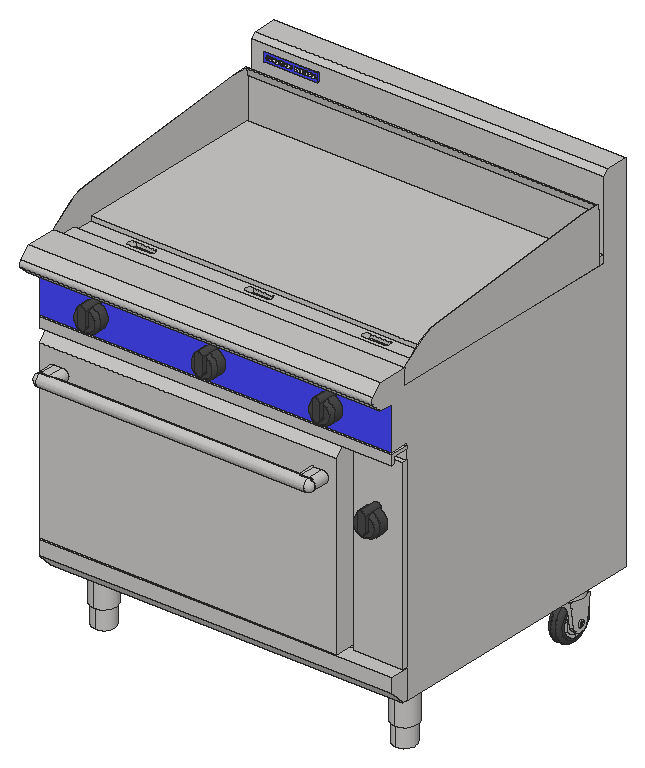
Revit family "QF_MOFFAT_BLUESEAL_CE_G56A", category Specialty Equipment, Revit 2012
Parameters
  Width = 900 mm  # constant formula
  Weight in Pounds = 467
  Watts = 130 W
  Volts = 230 V
  URL Cutsheet = "www.moffat.com"
  URL = "www.moffat.com"
  Type Mark [instance] = ""
  Status [instance] = ""
  Specification by User [instance] = ""
  Specification by Manufacturer = ""
  Show Logo [instance] = yes
  Show Clearance [instance] = yes
  Show Casters [instance] = yes
  Serial Number = ""
  Seismic Rating = ""
  SMACNA No = ""
  Revision Code [instance] = ""
  Phase = 1
  Omniclass Number and Title = ""
  Number of Poles [instance] = 1
  NAFEM Spec ID Number = ""
  Model = "G56A"
  Min Ckt Ampacity = 0 A
  Mechanical Remarks = ""
  Mechanical Connection Type [instance] = ""
  Max Overcurrent Protection = 0 A
  Masterspec = ""
  Manufacturer = "MOFFAT BLUESEAL"
  Legs [instance] = not(Show Casters)  # no
  Item Number [instance] = ""
  Installed By [instance] = ""
  Identify Quantity as Lot [instance] = yes
  Height = 970 mm  # constant formula
  HP = ""
  Gas Size = 3/4"
  Gas RI Height [instance] = 0 mm
  Gas KW = 25
  Gas Input = 85303.0 Btu/h
  Gas Connection Height = 0 mm
  Furnished By [instance] = ""
  Foodservice Equipment Identifier [instance] = yes
  FL Amps = 0.6 A
  Electrical Remarks = ""
  Electric Connection Type = ""
  Elec Conn RI Height = 0 mm
  Elec Conn Connection Height = 0 mm
  Description = "900MM GAS RANGE WITH CONVECTION OVEN"
  Depth = 812 mm  # constant formula
  Cycle = 60 Hz
  Conn Plug = ""
  Conn Conduit = yes
  CSI MasterFormat = ""
  CSI Master Format = ""
  Body Finish = QF_Finishes_Stainless Steel
  Apparent Power = 0 VA
Reference planes
  plane 1 "BACK": y = 0
  plane 2: z = 0
  plane 3 "LEFT": x = 0
  plane 4 "RIGHT": x = 900
  plane 5 "FRONT": y = -812
  plane 6 "TOP": z = 970
  plane 7 "Center Y": x = 450
  plane 8 "Center X": y = -406
  plane 9: x = 280
  plane 10: y = -574.272
  plane 11: x = 60
  plane 12: y = -304.972
  plane 13: y = -364.972
  plane 14: x = 74
  plane 15: y = -812
  plane 16: x = 834.5
  plane 17: y = -32
  plane 18: z = 655
  plane 19: y = -100
  plane 20: z = 1085
  plane 21: y = -705
Forms (mm)
  Extrusion 1, solid, material "QF_Finishes_Stainless Steel" <- "Body Finish"
    sketch origin (0, 0, 0) x (0, 1, 0) y (0, 0, 1)
      loop
        line (0, 150) -> (0, 1085) -> (-57.5, 1085) -> (-70, 1072.5) -> (-70, 875) -> (-705, 875) -> (-705, 915) -> (-783.97, 915) -> (-808.476, 890.494)
        arc (-808.476, 890.494) -> (-811.994, 882) -> (-808.476, 873.506) r 12.013
        line (-808.476, 873.506) -> (-784.97, 850) -> (-749, 850) -> (-749, 740) -> (-699, 740) -> (-699, 150) -> (0, 150)
    from 0 to 900
  Extrusion 2, solid, material "QF_Finishes_Stainless Steel"
    sketch origin (0, 7, 0) x (0, 1, 0) y (0, 0, 1)
      loop
        line (-706, 700) -> (-732, 700) -> (-756, 676) -> (-756, 227.5) -> (-706, 227.5) -> (-706, 700)
    from 0 to 760
  Extrusion 3, solid, material "QF_Finishes_Stainless Steel"
    sketch origin (723.5, 7, 0) x (0, 1, 0) y (0, 0, 1)
      loop
        line (-706, 700) -> (-721, 700) -> (-721, 227.5) -> (-706, 227.5) -> (-706, 700)
    from 51.5 to 176.5
  Revolve 4, solid, material "QF_Finishes_Stainless Steel" <- "Body Finish"
    sketch origin (834.5, -696.126, 0) x (0, 1, 0) y (0, 0, -1)
      loop
        line (39.376, -150) -> (71.126, -150) -> (71.126, 0) -> (43.626, 0) -> (43.626, -50) -> (39.376, -50) -> (39.376, -150)
      axis (71.126, -150) -> (71.126, 0)
    angle from 0 to 360
  Revolve 5, solid, material "QF_Finishes_Stainless Steel" <- "Body Finish"
    sketch origin (65.5, -696.126, 0) x (0, 1, 0) y (0, 0, 1)
      loop
        line (39.376, 150) -> (39.376, 50) -> (43.626, 50) -> (43.626, 0) -> (71.126, 0) -> (71.126, 150) -> (39.376, 150)
      axis (71.126, 150) -> (71.126, 0)
    angle from 0 to 360
  Extrusion 6, solid, material "QF_Finishes_Stainless Steel"
    sketch origin (-64.5, 0, 325) x (1, 0, 0) y (0, 1, 0)
      loop
        circle (834.5, -32) r 10
    from 330 to 371
  Revolve 7, solid, material "QF_Finishes_Black"
    sketch origin (150.113, 45.874, -0.118) x (0, 1, 0) y (0, 0, -1)
      loop
        line (-827.874, -829.5) -> (-804.874, -829.5) -> (-804.874, -802) -> (-794.874, -802) -> (-794.874, -797) -> (-838.874, -797) -> (-838.874, -823.651) -> (-827.874, -829.5)
      axis (-838.874, -797) -> (-794.874, -797)
    angle from 0 to 360
  Extrusion 8, solid, material "QF_Finishes_Black"
    sketch origin (297.92, 7, -0.118) x (-1, 0, 0) y (0, 0, -1)
      loop
        arc (158.3, -789) -> (148.3, -779) -> (138.3, -789) r 10
        line (138.3, -789) -> (138.3, -824)
        arc (138.3, -824) -> (148.3, -834) -> (158.3, -824) r 10
        line (158.3, -824) -> (158.3, -789)
    from 759 to 808
  Revolve 9, solid, material "QF_Finishes_Black"
    sketch origin (836.851, 80.874, -243.743) x (0, 1, 0) y (0, 0, 1)
      loop
        line (-827.874, 829.5) -> (-838.874, 823.651) -> (-838.874, 797) -> (-794.874, 797) -> (-794.874, 802) -> (-804.874, 802) -> (-804.874, 829.5) -> (-827.874, 829.5)
      axis (-838.874, 797) -> (-794.874, 797)
    angle from 0 to 360
  Extrusion 10, solid, material "QF_Finishes_Black"
    sketch origin (689.044, 42, -243.743) x (1, 0, 0) y (0, 0, 1)
      loop
        line (158.3, 789) -> (158.3, 824)
        arc (158.3, 824) -> (148.3, 834) -> (138.3, 824) r 10
        line (138.3, 824) -> (138.3, 789)
        arc (138.3, 789) -> (148.3, 779) -> (158.3, 789) r 10
    from 759 to 808
  Extrusion 11, solid, material "QF_Door-Drawer Clearances", visible <- "Show Clearance", detail levels coarse
    sketch origin (0, 7, 0) x (0, -1, 0) y (0, 0, 1)
      loop
        line (756, 697.347) -> (756, 227.5) -> (1225.847, 227.5)
        arc (1225.847, 227.5) -> (1088.232, 559.732) -> (756, 697.347) r 469.847
    from 0 to -760
  Extrusion 12, void
    sketch origin (0, 0, 220) x (1, 0, 0) y (0, 1, 0)
      loop
        line (824, -87) -> (824, 0) -> (694, 0) -> (694, -39) -> (744, -87) -> (824, -87)
    from 0 to 476
  Extrusion 13, solid, material "QF_Finishes_Stainless Steel"
    sketch origin (0, -749, 227.5) x (0, 0, 1) y (-1, 0, 0)
      loop
        line (380.625, -38.246) -> (380.625, -58.528)
        arc (380.625, -58.528) -> (395.625, -73.528) -> (410.625, -58.528) r 15
        line (410.625, -58.528) -> (410.625, -38.246)
        arc (410.625, -38.246) -> (395.625, -23.246) -> (380.625, -38.246) r 15
      loop
        arc (380.625, -723.039) -> (395.625, -738.039) -> (410.625, -723.039) r 15
        line (410.625, -723.039) -> (410.625, -702.757)
        arc (410.625, -702.757) -> (395.625, -687.757) -> (380.625, -702.757) r 15
        line (380.625, -702.757) -> (380.625, -723.039)
    from 0 to 44
  Revolve 14, solid, material "QF_Finishes_Stainless Steel"
    sketch origin (0, -793, 0) x (1, 0, 0) y (0, 0, 1)
      loop
        arc (738.039, 623.125) -> (733.646, 633.732) -> (723.039, 638.125) r 15
        line (723.039, 638.125) -> (38.246, 638.125)
        arc (38.246, 638.125) -> (27.64, 633.732) -> (23.246, 623.125) r 15
        line (23.246, 623.125) -> (738.039, 623.125)
      axis (738.039, 623.125) -> (23.246, 623.125)
    angle from 0 to 360
  Extrusion 15, solid, material "QF_Finishes_Stainless Steel" <- "Body Finish"
    sketch origin (0, 7, 0) x (0, 1, 0) y (0, 0, 1)
      loop
        line (-756, 710) -> (-747.224, 710) -> (-749.613, 726.999) -> (-707.93, 726.999) -> (-707.93, 734.003) -> (-756, 734.003) -> (-756, 710)
    from 0 to 900
  Extrusion 16, solid, material "QF_Finishes_Stainless Steel" <- "Body Finish"
    sketch origin (0, 4.73, 0) x (0, 1, 0) y (0, 0, 1)
      loop
        line (-753.73, 222.5) -> (-753.73, 186) -> (-717.802, 150.071) -> (-703.73, 150.071) -> (-703.73, 222.5) -> (-753.73, 222.5)
    from 0 to 900
  Extrusion 17, solid, material "QF_Finishes_Stainless Steel", visible <- "Show Casters"
    sketch origin (71.501, 133.353, -8.783) x (0, 1, 0) y (0, 0, 1)
      loop
        line (-201.603, 118.783) -> (-265.103, 118.783) -> (-252.746, 53.895)
        arc (-252.746, 53.895) -> (-233.353, 38.783) -> (-213.959, 53.895) r 20
        line (-213.959, 53.895) -> (-201.603, 118.783)
    from -35.667 to 22.923
  Revolve 18, solid, material "QF_Finishes_Stainless Steel", visible <- "Show Casters"
    sketch origin (65, -203, 0) x (0, 1, 0) y (0, 0, 1)
      loop
        line (67.25, 150) -> (67.25, 110) -> (103, 110) -> (103, 150) -> (67.25, 150)
      axis (103, 150) -> (103, 110)
    angle from 0 to 360
  Revolve 19, solid, material "QF_Finishes_Stainless Steel", visible <- "Show Casters"
    sketch origin (834.5, -203, 0) x (0, 1, 0) y (0, 0, -1)
      loop
        line (67.25, -150) -> (103, -150) -> (103, -110) -> (67.25, -110) -> (67.25, -150)
      axis (103, -150) -> (103, -110)
    angle from 0 to 360
  Revolve 20, solid, material "QF_Finishes_Stainless Steel", visible <- "Show Casters"
    sketch origin (785.276, -99.755, -13.653) x (1, 0, 0) y (0, 0, 1)
      loop
        line (14.841, 64.453) -> (83.584, 64.453) -> (83.584, 67.958) -> (82.314, 69.228) -> (80.79, 69.228) -> (80.79, 72.674) -> (68.644, 72.674) -> (68.644, 82.639) -> (65.088, 84.692) -> (63.738, 93.028) -> (65.881, 93.028) -> (65.881, 99.378) -> (65.088, 99.378) -> (65.088, 105.728)
        arc (65.088, 105.728) -> (62.298, 112.463) -> (55.563, 115.253) r 9.525
        line (55.563, 115.253) -> (42.863, 115.253)
        arc (42.863, 115.253) -> (36.127, 112.463) -> (33.338, 105.728) r 9.525
        line (33.338, 105.728) -> (33.338, 99.378) -> (32.544, 99.378) -> (32.544, 93.028) -> (34.687, 93.028) -> (33.352, 84.781) -> (29.782, 82.719) -> (29.782, 72.674) -> (17.635, 72.674) -> (17.635, 69.228) -> (16.111, 69.228) -> (14.841, 67.958) -> (14.841, 64.453)
      axis (14.841, 64.453) -> (83.584, 64.453)
    angle from 0 to 360
  Extrusion 21, solid, material "QF_Finishes_Stainless Steel", visible <- "Show Casters"
    sketch origin (841.001, 133.353, -8.783) x (0, 1, 0) y (0, 0, 1)
      loop
        line (-201.603, 118.783) -> (-265.103, 118.783) -> (-252.746, 53.895)
        arc (-252.746, 53.895) -> (-233.353, 38.783) -> (-213.959, 53.895) r 20
        line (-213.959, 53.895) -> (-201.603, 118.783)
    from -35.667 to 22.923
  Revolve 22, solid, material "QF_Finishes_Stainless Steel", visible <- "Legs"
    sketch origin (65, -165, 0) x (0, 1, 0) y (0, 0, 1)
      loop
        line (33.25, 150) -> (33.25, 50) -> (37.5, 50) -> (37.5, 0) -> (65, 0) -> (65, 150) -> (33.25, 150)
      axis (65, 150) -> (65, 0)
    angle from 0 to 360
  Revolve 23, solid, material "QF_Finishes_Stainless Steel", visible <- "Legs"
    sketch origin (834.5, -165, 0) x (0, 1, 0) y (0, 0, -1)
      loop
        line (33.25, -150) -> (65, -150) -> (65, 0) -> (37.5, 0) -> (37.5, -50) -> (33.25, -50) -> (33.25, -150)
      axis (65, -150) -> (65, 0)
    angle from 0 to 360
  Revolve 24, solid, material "QF_Finishes_Stainless Steel", visible <- "Show Casters"
    sketch origin (114.224, -99.755, -13.653) x (-1, 0, 0) y (0, 0, -1)
      loop
        line (14.841, -64.453) -> (14.841, -67.958) -> (16.111, -69.228) -> (17.635, -69.228) -> (17.635, -72.674) -> (29.782, -72.674) -> (29.782, -82.719) -> (33.352, -84.781) -> (34.687, -93.028) -> (32.544, -93.028) -> (32.544, -99.378) -> (33.338, -99.378) -> (33.338, -105.728)
        arc (33.338, -105.728) -> (36.127, -112.463) -> (42.863, -115.253) r 9.525
        line (42.863, -115.253) -> (55.563, -115.253)
        arc (55.563, -115.253) -> (62.298, -112.463) -> (65.088, -105.728) r 9.525
        line (65.088, -105.728) -> (65.088, -99.378) -> (65.881, -99.378) -> (65.881, -93.028) -> (63.738, -93.028) -> (65.088, -84.692) -> (68.644, -82.639) -> (68.644, -72.674) -> (80.79, -72.674) -> (80.79, -69.228) -> (82.314, -69.228) -> (83.584, -67.958) -> (83.584, -64.453) -> (14.841, -64.453)
      axis (14.841, -64.453) -> (83.584, -64.453)
    angle from 0 to 360
  Extrusion 25, solid, material "QF_Finishes_Stainless Steel"
    sketch origin (0, 0, 0) x (1, 0, 0) y (0, 1, 0)
      loop
        circle (826, -501) r 6.35
    from 150 to 147.817
  Revolve 26, solid, material "QF_Finishes_Black"
    sketch origin (450, 45.874, -0.118) x (0, 1, 0) y (0, 0, -1)
      loop
        line (-827.874, -829.5) -> (-804.874, -829.5) -> (-804.874, -802) -> (-794.874, -802) -> (-794.874, -797) -> (-838.874, -797) -> (-838.874, -823.651) -> (-827.874, -829.5)
      axis (-838.874, -797) -> (-794.874, -797)
    angle from 0 to 360
  Extrusion 27, solid, material "QF_Finishes_Black"
    sketch origin (597.807, 7, -0.118) x (-1, 0, 0) y (0, 0, -1)
      loop
        arc (158.3, -789) -> (148.3, -779) -> (138.3, -789) r 10
        line (138.3, -789) -> (138.3, -824)
        arc (138.3, -824) -> (148.3, -834) -> (158.3, -824) r 10
        line (158.3, -824) -> (158.3, -789)
    from 759 to 808
  Revolve 28, solid, material "QF_Finishes_Black"
    sketch origin (749.887, 45.874, -0.118) x (0, 1, 0) y (0, 0, -1)
      loop
        line (-827.874, -829.5) -> (-804.874, -829.5) -> (-804.874, -802) -> (-794.874, -802) -> (-794.874, -797) -> (-838.874, -797) -> (-838.874, -823.651) -> (-827.874, -829.5)
      axis (-838.874, -797) -> (-794.874, -797)
    angle from 0 to 360
  Extrusion 29, solid, material "QF_Finishes_Black"
    sketch origin (897.694, 7, -0.118) x (-1, 0, 0) y (0, 0, -1)
      loop
        arc (158.3, -789) -> (148.3, -779) -> (138.3, -789) r 10
        line (138.3, -789) -> (138.3, -824)
        arc (138.3, -824) -> (148.3, -834) -> (158.3, -824) r 10
        line (158.3, -824) -> (158.3, -789)
    from 759 to 808
Cuts and joins
  Extrusion 12 cuts Extrusion 1
Lines and regions (mm)
  Split face 1
    outline origin (900, 0, 1085) x (-1, 0, 0) y (0, -1, 0)
      loop
        arc (867.206, 18.385) -> (875.866, 23.385) -> (875.866, 33.385) r 10
        line (875.866, 33.385) -> (871.824, 40.385)
        arc (871.824, 40.385) -> (868.164, 44.045) -> (863.164, 45.385) r 10
        line (863.164, 45.385) -> (635.206, 45.385)
        arc (635.206, 45.385) -> (626.545, 40.385) -> (626.545, 30.385) r 10
        line (626.545, 30.385) -> (630.587, 23.385)
        arc (630.587, 23.385) -> (634.247, 19.725) -> (639.247, 18.385) r 10
        line (639.247, 18.385) -> (867.206, 18.385)
  Split face 2
    outline origin (900, 0, 1085) x (-1, 0, 0) y (0, -1, 0)
      loop
        arc (567.206, 18.385) -> (575.866, 23.385) -> (575.866, 33.385) r 10
        line (575.866, 33.385) -> (571.824, 40.385)
        arc (571.824, 40.385) -> (568.164, 44.045) -> (563.164, 45.385) r 10
        line (563.164, 45.385) -> (335.206, 45.385)
        arc (335.206, 45.385) -> (326.545, 40.385) -> (326.545, 30.385) r 10
        line (326.545, 30.385) -> (330.587, 23.385)
        arc (330.587, 23.385) -> (334.247, 19.725) -> (339.247, 18.385) r 10
        line (339.247, 18.385) -> (567.206, 18.385)
  Split face 3
    outline origin (900, 0, 1085) x (-1, 0, 0) y (0, -1, 0)
      loop
        arc (35.206, 45.385) -> (26.545, 40.385) -> (26.545, 30.385) r 10
        line (26.545, 30.385) -> (30.587, 23.385)
        arc (30.587, 23.385) -> (34.247, 19.725) -> (39.247, 18.385) r 10
        line (39.247, 18.385) -> (267.206, 18.385)
        arc (267.206, 18.385) -> (275.866, 23.385) -> (275.866, 33.385) r 10
        line (275.866, 33.385) -> (271.824, 40.385)
        arc (271.824, 40.385) -> (268.164, 44.045) -> (263.164, 45.385) r 10
        line (263.164, 45.385) -> (35.206, 45.385)
  symbolic lines
    curve 1: line (0, 0, 0) -> (0, -812, 0)
    curve 2: line (900, 0, 0) -> (0, 0, 0)
    curve 3: line (900, -812, 0) -> (900, 0, 0)
    curve 4: line (0, -70, 0) -> (900, -70, 0)
    curve 5: line (900, -812, 0) -> (0, -812, 0)
    curve 6: line (900, -705, 0) -> (0, -705, 0)
    curve 7: line (0, -701.7, 0) -> (900, -701.7, 0)
    curve 8: line (900, -72.734, 0) -> (0, -72.734, 0)
    curve 9: arc (22.65, -812, 0) -> (34.104, -822.278, 0) -> (48.889, -826.544, 0) r 34.455
    curve 10: line (48.889, -826.544, 0) -> (721.858, -826.544, 0)
    curve 11: arc (721.858, -826.544, 0) -> (736.403, -822.647, 0) -> (747.05, -812, 0) r 29.089
    curve 15: line (32.794, -18.385, 0) -> (260.753, -18.385, 0)
    curve 16: arc (260.753, -18.385, 0) -> (265.753, -19.725, 0) -> (269.413, -23.385, 0) r 10
    curve 17: line (269.413, -23.385, 0) -> (273.455, -30.385, 0)
    curve 18: arc (273.455, -30.385, 0) -> (273.455, -40.385, 0) -> (264.794, -45.385, 0) r 10
    curve 19: line (264.794, -45.385, 0) -> (36.836, -45.385, 0)
    curve 20: arc (36.836, -45.385, 0) -> (31.836, -44.045, 0) -> (28.176, -40.385, 0) r 10
    curve 21: line (28.176, -40.385, 0) -> (24.134, -33.385, 0)
    curve 22: arc (24.134, -33.385, 0) -> (24.134, -23.385, 0) -> (32.794, -18.385, 0) r 10
    curve 23: line (560.753, -18.385, 0) -> (332.794, -18.385, 0)
    curve 24: arc (332.794, -18.385, 0) -> (324.134, -23.385, 0) -> (324.134, -33.385, 0) r 10
    curve 25: line (324.134, -33.385, 0) -> (328.176, -40.385, 0)
    curve 26: arc (328.176, -40.385, 0) -> (331.836, -44.045, 0) -> (336.836, -45.385, 0) r 10
    curve 27: line (336.836, -45.385, 0) -> (564.794, -45.385, 0)
    curve 28: arc (564.794, -45.385, 0) -> (573.455, -40.385, 0) -> (573.455, -30.385, 0) r 10
    curve 29: line (573.455, -30.385, 0) -> (569.413, -23.385, 0)
    curve 30: arc (569.413, -23.385, 0) -> (565.753, -19.725, 0) -> (560.753, -18.385, 0) r 10
    curve 31: line (632.794, -18.385, 0) -> (860.753, -18.385, 0)
    curve 32: arc (860.753, -18.385, 0) -> (865.753, -19.725, 0) -> (869.413, -23.385, 0) r 10
    curve 33: line (869.413, -23.385, 0) -> (873.455, -30.385, 0)
    curve 34: arc (873.455, -30.385, 0) -> (873.455, -40.385, 0) -> (864.794, -45.385, 0) r 10
    curve 35: line (864.794, -45.385, 0) -> (636.836, -45.385, 0)
    curve 36: arc (636.836, -45.385, 0) -> (631.836, -44.045, 0) -> (628.176, -40.385, 0) r 10
    curve 37: line (628.176, -40.385, 0) -> (624.134, -33.385, 0)
    curve 38: arc (624.134, -33.385, 0) -> (624.134, -23.385, 0) -> (632.794, -18.385, 0) r 10
    curve 39: line (0, -783.97, 0) -> (900, -783.97, 0)
    curve 40: line (0, -57.5, 0) -> (900, -57.5, 0)
  symbolic lines, style "QF_Door-Drawer Clearances", visible <- "Show Clearance"
    curve 12: line (0, -1218.847, 0) -> (0, -812, 0)
    curve 13: line (0, -1218.847, 0) -> (760, -1218.847, 0)
    curve 14: line (760, -1218.847, 0) -> (760, -812, 0)
Dimensions and locks
  equal spacing: plane 3 "LEFT", plane 7 "Center Y", plane 4 "RIGHT"
  "Width": plane 3 "LEFT" to plane 4 "RIGHT"
  equal spacing: plane 5 "FRONT", plane 8 "Center X", plane 1 "BACK"
  plane 5 "FRONT" to plane 1 "BACK" = 812 mm  (x2)
  equal spacing: plane 4 "RIGHT", plane 7 "Center Y", plane 3 "LEFT"
  plane 4 "RIGHT" to plane 3 "LEFT" = 900 mm
  "Height": plane 6 "TOP" to level
  plane 10 to plane 1 "BACK" = 574.272 mm
  plane 12 to plane 1 "BACK" = 304.972 mm  (x2)
  plane 11 to plane 3 "LEFT" = 60 mm
  plane 14 to plane 3 "LEFT" = 74 mm
  plane 9 to plane 3 "LEFT" = 280 mm
  "Depth": plane 1 "BACK" to plane 15
  plane 15 to plane 5 "FRONT" = 0 mm
  plane 6 "TOP" to plane 2 = 970 mm
  plane 2 to Extrusion 1 sketch curve = 875 mm
  locked: plane 2 to Extrusion 1 sketch curve at 915
  Revolve 20 sketch curve to Revolve 20 sketch curve = 50.8 mm
  Revolve 24 sketch curve to Revolve 24 sketch curve = 50.8 mm
  plane 20 to level = 1085 mm
  Extrusion 25 sketch curve to plane 1 "BACK" = 501 mm
  Extrusion 25 sketch curve to plane 4 "RIGHT" = 74 mm
  aligned and locked: level to plane 2
  aligned and locked: curve 3 to plane 4 "RIGHT"
Automatic sketch dimensions
  plane 1 "BACK" to curve 1 = 0 mm
  curve 1 to plane 3 "LEFT" = 0 mm
  plane 5 "FRONT" to curve 9 = 0 mm
  plane 21 to curve 6 = 0 mm
  plane 3 "LEFT" to curve 9 = 22.65 mm
  curve 21 to plane 17 = 1.385 mm
  plane 3 "LEFT" to curve 21 = 24.134 mm
  curve 21 to curve 20 = 4.041 mm
  plane 17 to curve 22 = 13.615 mm
  curve 22 to curve 22 = 8.66 mm
  curve 20 to plane 17 = 3.385 mm
  curve 22 to curve 20 = 4.041 mm
  curve 9 to plane 11 = 11.111 mm
  curve 9 to plane 11 = 9.192 mm
  curve 15 to plane 9 = 19.247 mm
  curve 19 to plane 9 = 15.206 mm
  plane 17 to curve 17 = 8.615 mm
  curve 16 to curve 17 = 8.66 mm
  plane 17 to curve 17 = 1.615 mm
  curve 17 to plane 9 = 6.545 mm
  curve 24 to plane 17 = 1.385 mm
  plane 9 to curve 24 = 44.134 mm
  curve 25 to curve 26 = 4.041 mm
  plane 17 to curve 24 = 3.615 mm
  curve 24 to curve 24 = 8.66 mm
  curve 26 to plane 17 = 3.385 mm
  curve 24 to curve 26 = 4.041 mm
  plane 17 to curve 30 = 3.615 mm
  plane 7 "Center Y" to curve 30 = 110.753 mm
  curve 28 to plane 17 = 3.385 mm
  curve 30 to curve 28 = 4.041 mm  (x2)
  plane 17 to curve 29 = 8.615 mm
  plane 17 to curve 28 = 1.615 mm
  curve 38 to plane 17 = 1.385 mm
  curve 29 to curve 38 = 50.679 mm
  curve 37 to curve 36 = 4.041 mm
  plane 17 to curve 38 = 3.615 mm
  curve 38 to curve 38 = 8.66 mm
  curve 36 to curve 36 = 8.66 mm
  plane 16 to curve 32 = 26.253 mm
  curve 34 to plane 17 = 3.385 mm
  curve 32 to curve 34 = 4.041 mm
  plane 17 to curve 33 = 8.615 mm
  curve 32 to curve 33 = 8.66 mm
  plane 17 to curve 33 = 1.615 mm
  curve 32 to curve 33 = 4.041 mm
  plane 5 "FRONT" to curve 9 = 14.544 mm
  curve 12 to curve 10 = 392.303 mm
  curve 39 to plane 5 "FRONT" = 28.03 mm
  curve 7 to plane 21 = 3.3 mm
  plane 19 to curve 8 = 27.266 mm
  curve 8 to curve 4 = 2.734 mm
  curve 4 to curve 40 = 12.5 mm
  curve 20 to curve 20 = 10 mm
  curve 36 to curve 37 = 7 mm
  Extrusion 1 sketch curve to plane 21 = 0 mm
  Extrusion 1 sketch curve to plane 20 = 0 mm
  Extrusion 1 sketch curve to plane 1 "BACK" = 0 mm
  plane 21 to Extrusion 1 sketch curve = 44 mm
  Extrusion 1 sketch curve to plane 5 "FRONT" = 28.03 mm
  Extrusion 1 sketch curve to plane 5 "FRONT" = 27.03 mm
  Extrusion 1 sketch curve to plane 5 "FRONT" = 12.018 mm
  Extrusion 1 sketch curve to plane 5 "FRONT" = 3.524 mm  (x2)
  Extrusion 1 sketch curve to plane 21 = 6 mm
  Extrusion 1 sketch curve to plane 20 = 12.5 mm
  plane 19 to Extrusion 1 sketch curve = 30 mm
  Extrusion 1 sketch curve to Extrusion 1 sketch curve = 12.5 mm
  Extrusion 1 sketch curve to Extrusion 1 sketch curve = 41.494 mm
  Extrusion 1 sketch curve to Extrusion 1 sketch curve = 25 mm
  plane 18 to Extrusion 1 sketch curve = 85 mm
  level to Extrusion 1 sketch curve = 150 mm
  Extrusion 1 sketch curve to Extrusion 1 sketch curve = 8.494 mm
  plane 21 to Extrusion 2 sketch curve = 44 mm
  plane 21 to Extrusion 2 sketch curve = 20 mm
  Extrusion 2 sketch curve to plane 21 = 6 mm
  level to Extrusion 2 sketch curve = 227.5 mm
  plane 18 to Extrusion 2 sketch curve = 21 mm
  plane 18 to Extrusion 2 sketch curve = 45 mm
  plane 21 to Extrusion 3 sketch curve = 9 mm
  Extrusion 3 sketch curve to plane 21 = 6 mm
  level to Extrusion 3 sketch curve = 227.5 mm
  plane 18 to Extrusion 3 sketch curve = 45 mm
  Revolve 4 sketch curve to level = 0 mm
  Revolve 4 sketch curve to plane 21 = 48.25 mm
  Revolve 4 sketch curve to Revolve 4 sketch curve = 4.25 mm
  Revolve 4 sketch curve to Revolve 4 sketch curve = 27.5 mm  (x2)
  level to Revolve 4 sketch curve = 50 mm
  Revolve 4 sketch curve to Revolve 4 sketch curve = 0 mm
  Revolve 4 sketch curve to Revolve 4 sketch curve = 100 mm
  Revolve 4 sketch curve to Revolve 4 sketch curve = 55 mm
  Revolve 5 sketch curve to level = 0 mm
  Revolve 5 sketch curve to plane 21 = 48.25 mm
  Revolve 5 sketch curve to Revolve 5 sketch curve = 4.25 mm
  Revolve 5 sketch curve to Revolve 5 sketch curve = 27.5 mm  (x2)
  Revolve 5 sketch curve to level = 55 mm
  Revolve 5 sketch curve to Revolve 5 sketch curve = 50 mm
  Revolve 5 sketch curve to Revolve 5 sketch curve = 0 mm
  Revolve 5 sketch curve to Revolve 5 sketch curve = 100 mm
  Extrusion 6 sketch curve to plane 17 = 0 mm
  Revolve 7 sketch curve to plane 5 "FRONT" = 19 mm
  Revolve 7 sketch curve to Revolve 7 sketch curve = 0 mm  (x2)
  Revolve 7 sketch curve to Revolve 7 sketch curve = 11 mm
  Revolve 7 sketch curve to Revolve 7 sketch curve = 12.7 mm
  Revolve 7 sketch curve to Revolve 7 sketch curve = 23 mm
  Revolve 7 sketch curve to Revolve 7 sketch curve = 10 mm
  Revolve 7 sketch curve to plane 6 "TOP" = 140.618 mm
  Revolve 7 sketch curve to Revolve 7 sketch curve = 5.849 mm
  Revolve 7 sketch curve to Revolve 7 sketch curve = 27.5 mm
  Revolve 7 sketch curve to Revolve 7 sketch curve = 5 mm
  Extrusion 8 sketch curve to plane 6 "TOP" = 146.118 mm
  Extrusion 8 sketch curve to Extrusion 8 sketch curve = 35 mm
  plane 21 to Revolve 9 sketch curve = 53 mm
  Revolve 9 sketch curve to Revolve 9 sketch curve = 0 mm  (x2)
  Revolve 9 sketch curve to Revolve 9 sketch curve = 11 mm
  Revolve 9 sketch curve to Revolve 9 sketch curve = 12.7 mm
  plane 21 to Revolve 9 sketch curve = 19 mm
  plane 21 to Revolve 9 sketch curve = 9 mm
  Revolve 9 sketch curve to plane 18 = 101.743 mm
  Revolve 9 sketch curve to Revolve 9 sketch curve = 5 mm
  Revolve 9 sketch curve to Revolve 9 sketch curve = 26.651 mm
  Revolve 9 sketch curve to Revolve 9 sketch curve = 5.849 mm
  Extrusion 10 sketch curve to plane 16 = 7.156 mm
  plane 16 to Extrusion 10 sketch curve = 2.844 mm
  Extrusion 10 sketch curve to plane 18 = 109.743 mm
  Extrusion 10 sketch curve to Extrusion 10 sketch curve = 35 mm
  plane 21 to Extrusion 11 sketch curve = 44 mm
  level to Extrusion 11 sketch curve = 227.5 mm
  plane 5 "FRONT" to Extrusion 11 sketch curve = 406.847 mm
  plane 1 "BACK" to Extrusion 12 sketch curve = 0 mm
  Extrusion 12 sketch curve to plane 17 = 7 mm
  Extrusion 12 sketch curve to plane 16 = 10.5 mm
  plane 19 to Extrusion 12 sketch curve = 13 mm
  Extrusion 13 sketch curve to plane 11 = 1.472 mm
  Extrusion 13 sketch curve to plane 18 = 46.875 mm  (x2)
  Extrusion 13 sketch curve to Extrusion 13 sketch curve = 15 mm  (x2)
  Extrusion 13 sketch curve to Extrusion 13 sketch curve = 20.282 mm  (x2)
  Revolve 14 sketch curve to plane 3 "LEFT" = 6.961 mm
  plane 3 "LEFT" to Revolve 14 sketch curve = 23.246 mm
  Revolve 14 sketch curve to plane 18 = 16.875 mm
  Revolve 14 sketch curve to Revolve 14 sketch curve = 15 mm
  Revolve 14 sketch curve to plane 18 = 31.875 mm
  plane 7 "Center Y" to Revolve 14 sketch curve = 138.039 mm
  plane 21 to Extrusion 15 sketch curve = 44 mm
  Extrusion 15 sketch curve to Extrusion 15 sketch curve = 6.387 mm
  Extrusion 15 sketch curve to Extrusion 15 sketch curve = 8.776 mm
  Extrusion 15 sketch curve to plane 21 = 4.07 mm
  plane 18 to Extrusion 15 sketch curve = 55 mm
  Extrusion 15 sketch curve to Extrusion 15 sketch curve = 16.999 mm
  Extrusion 15 sketch curve to Extrusion 15 sketch curve = 7.004 mm
  plane 21 to Extrusion 16 sketch curve = 44 mm
  plane 21 to Extrusion 16 sketch curve = 8.071 mm
  Extrusion 16 sketch curve to plane 21 = 6 mm
  level to Extrusion 16 sketch curve = 150.071 mm
  Extrusion 16 sketch curve to Extrusion 16 sketch curve = 35.929 mm
  Extrusion 16 sketch curve to Extrusion 16 sketch curve = 36.5 mm
  Extrusion 17 sketch curve to plane 19 = 0 mm
  Extrusion 17 sketch curve to plane 19 = 19.393 mm
  Extrusion 17 sketch curve to plane 19 = 31.75 mm
  plane 19 to Extrusion 17 sketch curve = 19.393 mm
  plane 19 to Extrusion 17 sketch curve = 31.75 mm
  level to Extrusion 17 sketch curve = 45.111 mm
  Extrusion 17 sketch curve to Extrusion 17 sketch curve = 4.889 mm
  Extrusion 17 sketch curve to Extrusion 17 sketch curve = 64.889 mm
  Revolve 18 sketch curve to plane 19 = 0 mm  (x2)
  Revolve 18 sketch curve to plane 19 = 35.75 mm
  Revolve 18 sketch curve to level = 55 mm
  level to Revolve 18 sketch curve = 50 mm
  Revolve 18 sketch curve to Revolve 18 sketch curve = 60 mm
  Revolve 18 sketch curve to Revolve 18 sketch curve = 40 mm
  Revolve 19 sketch curve to plane 19 = 0 mm  (x2)
  Revolve 19 sketch curve to plane 19 = 35.75 mm
  level to Revolve 19 sketch curve = 150 mm
  Revolve 19 sketch curve to Revolve 19 sketch curve = 40 mm
  level to Revolve 19 sketch curve = 50 mm
  Revolve 19 sketch curve to level = 55 mm
  Revolve 20 sketch curve to plane 16 = 34.382 mm
  Revolve 20 sketch curve to Revolve 20 sketch curve = 1.27 mm  (x4)
  Revolve 20 sketch curve to Revolve 20 sketch curve = 1.524 mm  (x2)
  Revolve 20 sketch curve to Revolve 20 sketch curve = 12.146 mm  (x2)
  Revolve 20 sketch curve to plane 16 = 16.68 mm
  Revolve 20 sketch curve to Revolve 20 sketch curve = 0.794 mm  (x2)
  Revolve 20 sketch curve to Revolve 20 sketch curve = 3.57 mm
  Revolve 20 sketch curve to Revolve 20 sketch curve = 2.143 mm
  Revolve 20 sketch curve to plane 16 = 6.361 mm
  plane 16 to Revolve 20 sketch curve = 5.13 mm
  plane 16 to Revolve 20 sketch curve = 6.339 mm
  plane 16 to Revolve 20 sketch curve = 14.515 mm
  Revolve 20 sketch curve to Revolve 20 sketch curve = 1.349 mm  (x2)
  Revolve 20 sketch curve to Revolve 20 sketch curve = 3.556 mm
  Revolve 20 sketch curve to plane 4 "RIGHT" = 2.18 mm
  level to Revolve 20 sketch curve = 50.8 mm
  Revolve 20 sketch curve to Revolve 20 sketch curve = 0 mm
  Revolve 20 sketch curve to Revolve 20 sketch curve = 3.505 mm  (x2)
  Revolve 20 sketch curve to Revolve 20 sketch curve = 3.447 mm  (x2)
  Revolve 20 sketch curve to Revolve 20 sketch curve = 9.964 mm
  Revolve 20 sketch curve to Revolve 20 sketch curve = 10.045 mm
  Revolve 20 sketch curve to Revolve 20 sketch curve = 2.053 mm
  Revolve 20 sketch curve to Revolve 20 sketch curve = 2.061 mm
  Revolve 20 sketch curve to Revolve 20 sketch curve = 8.247 mm
  Revolve 20 sketch curve to Revolve 20 sketch curve = 8.336 mm
  Revolve 20 sketch curve to Revolve 20 sketch curve = 6.35 mm  (x2)
  Extrusion 21 sketch curve to plane 19 = 0 mm
  Extrusion 21 sketch curve to plane 19 = 19.393 mm
  Extrusion 21 sketch curve to plane 19 = 31.75 mm
  plane 19 to Extrusion 21 sketch curve = 19.393 mm
  plane 19 to Extrusion 21 sketch curve = 31.75 mm
  level to Extrusion 21 sketch curve = 45.111 mm
  Extrusion 21 sketch curve to Extrusion 21 sketch curve = 4.889 mm
  Extrusion 21 sketch curve to Extrusion 21 sketch curve = 64.889 mm
  Revolve 22 sketch curve to level = 0 mm
  Revolve 22 sketch curve to plane 19 = 0 mm  (x2)
  Revolve 22 sketch curve to Revolve 22 sketch curve = 27.5 mm
  Revolve 22 sketch curve to Revolve 22 sketch curve = 31.75 mm
  Revolve 22 sketch curve to level = 55 mm
  Revolve 22 sketch curve to Revolve 22 sketch curve = 50 mm
  Revolve 22 sketch curve to Revolve 22 sketch curve = 0 mm
  Revolve 22 sketch curve to Revolve 22 sketch curve = 100 mm
  Revolve 23 sketch curve to level = 0 mm
  Revolve 23 sketch curve to plane 19 = 0 mm  (x2)
  Revolve 23 sketch curve to Revolve 23 sketch curve = 27.5 mm
  Revolve 23 sketch curve to Revolve 23 sketch curve = 31.75 mm
  level to Revolve 23 sketch curve = 50 mm
  Revolve 23 sketch curve to Revolve 23 sketch curve = 0 mm
  Revolve 23 sketch curve to Revolve 23 sketch curve = 100 mm
  Revolve 23 sketch curve to Revolve 23 sketch curve = 55 mm
  plane 14 to Revolve 24 sketch curve = 25.382 mm
  Revolve 24 sketch curve to Revolve 24 sketch curve = 1.27 mm  (x4)
  Revolve 24 sketch curve to Revolve 24 sketch curve = 1.524 mm  (x2)
  plane 14 to Revolve 24 sketch curve = 10.442 mm
  plane 14 to Revolve 24 sketch curve = 7.68 mm
  Revolve 24 sketch curve to Revolve 24 sketch curve = 0.794 mm  (x2)
  Revolve 24 sketch curve to Revolve 24 sketch curve = 3.57 mm
  Revolve 24 sketch curve to Revolve 24 sketch curve = 2.143 mm
  Revolve 24 sketch curve to plane 14 = 2.639 mm
  Revolve 24 sketch curve to plane 11 = 0.13 mm
  Revolve 24 sketch curve to plane 11 = 1.339 mm
  Revolve 24 sketch curve to plane 11 = 9.515 mm
  Revolve 24 sketch curve to Revolve 24 sketch curve = 1.349 mm  (x2)
  Revolve 24 sketch curve to Revolve 24 sketch curve = 3.556 mm
  Revolve 24 sketch curve to Revolve 24 sketch curve = 12.146 mm
  Revolve 24 sketch curve to plane 3 "LEFT" = 2.68 mm
  level to Revolve 24 sketch curve = 101.6 mm
  Revolve 24 sketch curve to Revolve 24 sketch curve = 6.35 mm  (x4)
  Revolve 24 sketch curve to Revolve 24 sketch curve = 8.247 mm
  Revolve 24 sketch curve to Revolve 24 sketch curve = 8.336 mm
  Revolve 24 sketch curve to Revolve 24 sketch curve = 2.061 mm
  Revolve 24 sketch curve to Revolve 24 sketch curve = 2.053 mm
  Revolve 24 sketch curve to Revolve 24 sketch curve = 10.045 mm
  Revolve 24 sketch curve to Revolve 24 sketch curve = 9.964 mm
  Revolve 24 sketch curve to Revolve 24 sketch curve = 3.447 mm  (x2)
  Revolve 24 sketch curve to Revolve 24 sketch curve = 3.505 mm
  Split face 1 sketch curve to cut or joined group of Extrusion 1, Extrusion 12 = 27.115 mm
  Split face 1 sketch curve to cut or joined group of Extrusion 1, Extrusion 12 = 273.455 mm
  Split face 1 sketch curve to Split face 1 sketch curve = 4.041 mm  (x4)
  Split face 1 sketch curve to Split face 1 sketch curve = 8.66 mm  (x2)
  Split face 1 sketch curve to cut or joined group of Extrusion 1, Extrusion 12 = 12.115 mm
  Split face 1 sketch curve to cut or joined group of Extrusion 1, Extrusion 12 = 36.836 mm
  Split face 1 sketch curve to Split face 1 sketch curve = 7 mm  (x3)
  Split face 1 sketch curve to Split face 1 sketch curve = 17 mm
  Split face 2 sketch curve to cut or joined group of Extrusion 1, Extrusion 12 = 27.115 mm
  Split face 2 sketch curve to cut or joined group of Extrusion 1, Extrusion 12 = 326.545 mm
  Split face 2 sketch curve to Split face 2 sketch curve = 4.041 mm  (x4)
  Split face 2 sketch curve to Split face 2 sketch curve = 8.66 mm  (x2)
  Split face 2 sketch curve to cut or joined group of Extrusion 1, Extrusion 12 = 12.115 mm
  Split face 2 sketch curve to Split face 2 sketch curve = 223.917 mm
  Split face 2 sketch curve to Split face 2 sketch curve = 7 mm  (x3)
  Split face 2 sketch curve to Split face 2 sketch curve = 17 mm
  Split face 3 sketch curve to cut or joined group of Extrusion 1, Extrusion 12 = 26.545 mm
  Split face 3 sketch curve to Split face 3 sketch curve = 4.041 mm  (x4)
  Split face 3 sketch curve to Split face 3 sketch curve = 8.66 mm  (x2)
  Split face 3 sketch curve to cut or joined group of Extrusion 1, Extrusion 12 = 22.115 mm
  Split face 3 sketch curve to Split face 3 sketch curve = 223.917 mm
  Split face 3 sketch curve to cut or joined group of Extrusion 1, Extrusion 12 = 17.115 mm
  Split face 3 sketch curve to Split face 3 sketch curve = 10 mm
  Split face 3 sketch curve to Split face 3 sketch curve = 7 mm  (x3)
  Revolve 26 sketch curve to plane 5 "FRONT" = 19 mm
  Revolve 26 sketch curve to Revolve 26 sketch curve = 0 mm  (x2)
  Revolve 26 sketch curve to Revolve 26 sketch curve = 11 mm
  Revolve 26 sketch curve to Revolve 26 sketch curve = 12.7 mm
  Revolve 26 sketch curve to Revolve 26 sketch curve = 23 mm
  Revolve 26 sketch curve to Revolve 26 sketch curve = 10 mm
  Revolve 26 sketch curve to plane 6 "TOP" = 140.618 mm
  Revolve 26 sketch curve to Revolve 26 sketch curve = 5.849 mm
  Revolve 26 sketch curve to Revolve 26 sketch curve = 27.5 mm
  Revolve 26 sketch curve to Revolve 26 sketch curve = 5 mm
  plane 7 "Center Y" to Extrusion 27 sketch curve = 9.507 mm
  Extrusion 27 sketch curve to plane 7 "Center Y" = 0.493 mm
  Extrusion 27 sketch curve to plane 6 "TOP" = 146.118 mm
  Extrusion 27 sketch curve to Extrusion 27 sketch curve = 35 mm
  Revolve 28 sketch curve to plane 5 "FRONT" = 19 mm
  Revolve 28 sketch curve to Revolve 28 sketch curve = 0 mm  (x2)
  Revolve 28 sketch curve to Revolve 28 sketch curve = 11 mm
  Revolve 28 sketch curve to Revolve 28 sketch curve = 12.7 mm
  Revolve 28 sketch curve to Revolve 28 sketch curve = 23 mm
  Revolve 28 sketch curve to Revolve 28 sketch curve = 10 mm
  Revolve 28 sketch curve to plane 6 "TOP" = 140.618 mm
  Revolve 28 sketch curve to Revolve 28 sketch curve = 5.849 mm
  Revolve 28 sketch curve to Revolve 28 sketch curve = 27.5 mm
  Revolve 28 sketch curve to Revolve 28 sketch curve = 5 mm
  Extrusion 29 sketch curve to plane 6 "TOP" = 146.118 mm
  Extrusion 29 sketch curve to Extrusion 29 sketch curve = 35 mm
  curve 11 to plane 16 = 112.642 mm
  curve 11 to curve 11 = 25.191 mm
  curve 14 to plane 16 = 74.5 mm
  Extrusion 6 sketch curve to plane 16 = 64.5 mm
  Extrusion 12 sketch curve to Extrusion 12 sketch curve = 80 mm
  Extrusion 12 sketch curve to Extrusion 12 sketch curve = 50 mm
  Extrusion 13 sketch curve to plane 16 = 131.743 mm
  Revolve 14 sketch curve to plane 16 = 111.461 mm
  Extrusion 29 sketch curve to plane 16 = 75.106 mm
  Extrusion 29 sketch curve to Extrusion 29 sketch curve = 10 mm
  plane 14 to Extrusion 8 sketch curve = 85.62 mm
  Extrusion 8 sketch curve to Extrusion 8 sketch curve = 10 mm
  radius of Extrusion 6 sketch curve = 10 mm
  radius of Extrusion 25 sketch curve = 6.35 mm
Nested families
  nested 1: "WALDORF LOGO_FACE BASE" at (32, -70, 1056.385) x (1, 0, 0) z (0, -1, 0), visible <- "Show Logo", type "WALDORF LOGO_FACE BASE", detail levels medium+fine
    with Show Logo yes
  nested 2: "GAS GRIDDLE PLATE 900" at (0, -85, 874.5), type "GAS GRIDDLE PLATE 900"
    with Width 900 mm, Type Mark "", Status "", Specification by User "", Revision Code "", Item Number "", Installed By "", Identify Quantity as Lot yes, Furnished By "", Foodservice Equipment Identifier yes, Depth 620 mm
Connectors
  piping at (770, -32, 655)
    settings: on Extrusion 6, index 4, connector radius 0.37402", flow factor 0, pipe flow 0 GPM, pressure drop 0.00 psi, fitting loss kfactor 0, connector angle 0.00°, fixture units 0, engagement length 0 mm, flow configuration 1, flow direction 1, fitting loss method 0, system type 7, joint type 0, gender type 0, connector reference index -1, connector utility 0, adjustable connector no, is connector primary yes, fitting loss table "", connector description "GAS CONNECTION"
  electrical at (826, -501, 147.817), driven by "Volts", driven by "Watts"
    settings: on Extrusion 25, index 5, voltage 230 V, apparent load 130 VA, apparent load phase1 0 VA, apparent load phase2 0 VA, apparent load phase3 0 VA, power factor 1, load classification "Other", number of poles 1, system type 30, power factor state 1, is connector primary yes, connector utility no, sub classification motor no, connector description "ELECTRICAL CONNECTION"
Definition of nested family "WALDORF LOGO_FACE BASE"
  Parameters (values of type "WALDORF LOGO_FACE BASE")
    Show Logo [instance] = yes
    Default Elevation = 1219.2 mm
  Reference planes
    plane 1 "Center (Front/Back)": y = 0
    plane 2: z = 0
    plane 3 "Center (Left/Right)": x = 0
  Forms (mm)
    Extrusion 1, solid
      sketch origin (0, 0, 0) x (1, 0, 0) y (0, 1, 0)
        loop
          line (-1219.2, 1219.2) -> (-1219.2, -1219.2) -> (1219.2, -1219.2) -> (1219.2, 1219.2) -> (-1219.2, 1219.2)
      from 0 to -304.8
    Extrusion 2, solid, material "QF_Finishes_Blue", visible <- "Show Logo"
      sketch origin (0, -33.217, 0) x (1, 0, 0) y (0, 1, 0)
        loop
          arc (138, 31.942) -> (137.626, 32.844) -> (136.724, 33.217) r 1.276
          line (136.724, 33.217) -> (1.29, 33.217)
          arc (1.29, 33.217) -> (0.378, 32.839) -> (0, 31.927) r 1.29
          line (0, 31.927) -> (0, 11.507)
          arc (0, 11.507) -> (0.378, 10.595) -> (1.29, 10.217) r 1.29
          line (1.29, 10.217) -> (136.71, 10.217)
          arc (136.71, 10.217) -> (137.622, 10.595) -> (138, 11.507) r 1.29
          line (138, 11.507) -> (138, 31.942)
      from 0 to 1.588
    Extrusion 3, solid, material "QF_Finishes_White", visible <- "Show Logo"
      sketch origin (0, -33.217, 1.588) x (1, 0, 0) y (0, 1, 0)
        loop
          arc (108.946, 25.919) -> (107.613, 25.367) -> (107.061, 24.034) r 1.885
          line (107.061, 24.034) -> (107.061, 17.211) -> (112.704, 17.211) -> (112.704, 19.129) -> (115.546, 19.129) -> (115.546, 17.211) -> (121.584, 17.211) -> (121.584, 24.075)
          arc (121.584, 24.075) -> (121.043, 25.379) -> (119.739, 25.919) r 1.845
          line (119.739, 25.919) -> (108.946, 25.919)
        loop
          line (123.478, 25.919) -> (123.478, 17.163) -> (134.904, 17.163) -> (134.904, 19.129) -> (129.246, 19.129) -> (129.246, 25.919) -> (123.478, 25.919)
        loop
          line (112.704, 21.258) -> (115.546, 21.258) -> (115.546, 22.702)
          arc (115.546, 22.702) -> (115.344, 23.188) -> (114.858, 23.389) r 0.687
          line (114.858, 23.389) -> (113.363, 23.389)
          arc (113.363, 23.389) -> (112.897, 23.196) -> (112.704, 22.73) r 0.658
          line (112.704, 22.73) -> (112.704, 21.258)
        loop
          line (105.071, 25.919) -> (93.771, 25.919) -> (93.771, 17.163) -> (105.071, 17.163) -> (105.071, 19.063) -> (99.535, 19.063) -> (99.535, 20.437) -> (105.071, 20.437) -> (105.071, 22.278) -> (99.535, 22.278) -> (99.535, 23.587) -> (105.071, 23.587) -> (105.071, 25.919)
        loop
          line (91.104, 25.919) -> (79.541, 25.919)
          arc (79.541, 25.919) -> (78.558, 25.513) -> (78.152, 24.53) r 1.389
          line (78.152, 24.53) -> (78.152, 22.08)
          arc (78.152, 22.08) -> (78.558, 21.098) -> (79.541, 20.691) r 1.389
          line (79.541, 20.691) -> (86.346, 20.691) -> (86.346, 18.864) -> (83.266, 18.864) -> (83.266, 19.664) -> (78.152, 19.664) -> (78.152, 18.553)
          arc (78.152, 18.553) -> (78.558, 17.57) -> (79.541, 17.163) r 1.389
          line (79.541, 17.163) -> (91.063, 17.163)
          arc (91.063, 17.163) -> (92.045, 17.57) -> (92.452, 18.553) r 1.389
          line (92.452, 18.553) -> (92.452, 20.691)
          arc (92.452, 20.691) -> (92.045, 21.673) -> (91.063, 22.08) r 1.389
          line (91.063, 22.08) -> (83.266, 22.08) -> (83.266, 23.984) -> (86.346, 23.984) -> (86.346, 22.743) -> (92.452, 22.743) -> (92.452, 24.571)
          arc (92.452, 24.571) -> (92.057, 25.524) -> (91.104, 25.919) r 1.348
        loop
          line (70.705, 25.919) -> (59.405, 25.919) -> (59.405, 17.163) -> (70.705, 17.163) -> (70.705, 19.063) -> (65.169, 19.063) -> (65.169, 20.437) -> (70.705, 20.437) -> (70.705, 22.278) -> (65.169, 22.278) -> (65.169, 23.587) -> (70.705, 23.587) -> (70.705, 25.919)
        loop
          line (57.598, 25.919) -> (51.7, 25.919) -> (51.7, 20.18)
          arc (51.7, 20.18) -> (50.63, 19.11) -> (49.56, 20.18) r 1.07
          line (49.56, 20.18) -> (49.56, 25.919) -> (43.663, 25.919) -> (43.663, 19.049)
          arc (43.663, 19.049) -> (44.215, 17.716) -> (45.548, 17.163) r 1.885
          line (45.548, 17.163) -> (55.71, 17.163)
          arc (55.71, 17.163) -> (57.045, 17.716) -> (57.598, 19.051) r 1.887
          line (57.598, 19.051) -> (57.598, 25.919)
        loop
          line (31.62, 25.919) -> (31.62, 17.163) -> (43.046, 17.163) -> (43.046, 19.129) -> (37.388, 19.129) -> (37.388, 25.919) -> (31.62, 25.919)
        loop
          line (15.969, 25.919) -> (15.969, 17.163) -> (28.693, 17.163)
          arc (28.693, 17.163) -> (29.812, 17.627) -> (30.276, 18.746) r 1.582
          line (30.276, 18.746) -> (30.276, 20.447) -> (29.48, 21.243) -> (30.276, 22.039) -> (30.276, 24.332)
          arc (30.276, 24.332) -> (29.811, 25.454) -> (28.688, 25.919) r 1.587
          line (28.688, 25.919) -> (15.969, 25.919)
        loop
          line (21.449, 24.159) -> (21.449, 22.436) -> (23.862, 22.436)
          arc (23.862, 22.436) -> (24.723, 23.298) -> (23.862, 24.159) r 0.861
          line (23.862, 24.159) -> (21.449, 24.159)
        loop
          line (21.449, 20.244) -> (21.449, 18.522) -> (23.862, 18.522)
          arc (23.862, 18.522) -> (24.723, 19.383) -> (23.862, 20.244) r 0.861
          line (23.862, 20.244) -> (21.449, 20.244)
      from 0 to 0.2
    Extrusion 4, solid, material "QF_Finishes_Blue", visible <- "Show Logo"
      sketch origin (-126.498, -31.09, 1.588) x (1, 0, 0) y (0, 1, 0)
        loop
          line (136.738, 23.522) -> (136.738, 15.1)
          arc (136.738, 15.1) -> (140.756, 19.311) -> (136.738, 23.522) r 4.216
      from 0 to 0.2
    Extrusion 5, solid, material "QF_Finishes_Red", visible <- "Show Logo"
      sketch origin (146.849, -31.09, 1.588) x (-1, 0, 0) y (0, -1, 0)
        loop
          arc (136.738, -23.522) -> (140.756, -19.311) -> (136.738, -15.1) r 4.216
          line (136.738, -15.1) -> (136.738, -23.522)
      from 0 to 0.2
  Lines and regions (mm)
    Split face 1
      outline origin (-90.35, -30.793, 1.588) x (1, 0, 0) y (0, 1, 0)
        loop
          circle (100.54, 19.013) r 4.536
  Dimensions and locks
    aligned and locked: plane 2 to Extrusion 1
    aligned and locked: level to Extrusion 1
Definition of nested family "GAS GRIDDLE PLATE 900"
  Parameters (values of type "GAS GRIDDLE PLATE 900")
    Width [instance] = 900 mm
    Weight in Pounds = 0
    URL Cutsheet = ""
    Type Mark [instance] = ""
    Status [instance] = ""
    Specification by User [instance] = ""
    Specification by Manufacturer = ""
    Serial Number = ""
    Seismic Rating = ""
    SMACNA No = ""
    Revision Code [instance] = ""
    Omniclass Number and Title = ""
    NAFEM Spec ID Number = ""
    Masterspec = ""
    Item Number [instance] = ""
    Installed By [instance] = ""
    Identify Quantity as Lot [instance] = yes
    Furnished By [instance] = ""
    Foodservice Equipment Identifier [instance] = yes
    Depth [instance] = 620 mm
    CSI MasterFormat = ""
    CSI Master Format = ""
  Reference planes
    plane 1 "BACK": y = 0
    plane 2: z = 0
    plane 3 "LEFT": x = 0
    plane 4 "RIGHT": x = 900
    plane 5 "FRONT": y = -620
    plane 6 "TOP": z = 142.5
    plane 7 "Center Y": x = 450
    plane 8 "Center X": y = -310
    plane 9: y = -530.997
    plane 10: y = -541.497
    plane 11: y = -503.25
    plane 12: y = -557.737
  Forms (mm)
    Extrusion 1, solid, material "QF_Finishes_Stainless Steel"
      sketch origin (0, 70.003, -874.5) x (0, 1, 0) y (0, 0, 1)
        loop
          line (-70, 875) -> (-70, 997.489) -> (-75.228, 1017) -> (-117.24, 1017) -> (-589.533, 971.523)
          arc (-589.533, 971.523) -> (-614.56, 965.803) -> (-637.306, 953.899) r 100
          line (-637.306, 953.899) -> (-690.003, 917) -> (-690.003, 875) -> (-70, 875)
      from 0 to 1.8
    Extrusion 2, solid, material "QF_Finishes_Stainless Steel"
      sketch origin (600, 70.003, -874.5) x (0, -1, 0) y (0, 0, 1)
        loop
          line (70, 875) -> (690.003, 875) -> (690.003, 917) -> (637.306, 953.899)
          arc (637.306, 953.899) -> (614.56, 965.803) -> (589.533, 971.523) r 100
          line (589.533, 971.523) -> (117.24, 1017) -> (75.228, 1017) -> (70, 997.489) -> (70, 875)
      from -300 to -298.8
    Extrusion 3, solid, material "QF_Finishes_Stainless Steel"
      sketch origin (150, 70.003, -874.5) x (0, 1, 0) y (0, 0, 1)
        loop
          line (-55, 895) -> (-573.253, 895) -> (-573.253, 884.5) -> (-627.74, 884.5) -> (-627.74, 895) -> (-690.003, 895) -> (-690.003, 875) -> (-55, 875) -> (-55, 895)
      from -148.2 to 748.8
    Extrusion 4, void
      sketch origin (0.113, -541.497, 10) x (0, -1, 0) y (1, 0, 0)
        loop
          arc (-7.497, 175) -> (-17.497, 185) -> (-27.497, 175) r 10
          line (-27.497, 175) -> (-27.497, 125)
          arc (-27.497, 125) -> (-17.497, 115) -> (-7.497, 125) r 10
          line (-7.497, 125) -> (-7.497, 175)
        loop
          line (-7.497, 424.887) -> (-7.497, 474.887)
          arc (-7.497, 474.887) -> (-17.497, 484.887) -> (-27.497, 474.887) r 10
          line (-27.497, 474.887) -> (-27.497, 424.887)
          arc (-27.497, 424.887) -> (-17.497, 414.887) -> (-7.497, 424.887) r 10
        loop
          line (-7.497, 724.774) -> (-7.497, 774.774)
          arc (-7.497, 774.774) -> (-17.497, 784.774) -> (-27.497, 774.774) r 10
          line (-27.497, 774.774) -> (-27.497, 724.774)
          arc (-27.497, 724.774) -> (-17.497, 714.774) -> (-7.497, 724.774) r 10
      from -41.4 to 40.142
    Extrusion 5, solid, material "QF_Finishes_Stainless Steel"
      sketch origin (0, 70.003, -874.5) x (0, 1, 0) y (0, 0, 1)
        loop
          line (-70, 875) -> (-70, 997.489) -> (-75.228, 1017) -> (-76.884, 1017) -> (-71.6, 997.278) -> (-71.6, 875) -> (-70, 875)
      from 0 to 898.8
  Cuts and joins
    Extrusion 4 cuts Extrusion 3
    joined: Extrusion 1, Extrusion 2, Extrusion 3
  Lines and regions (mm)
    symbolic lines
      curve 1: line (900, -503.25, 0) -> (0, -503.25, 0)
      curve 2: line (0, -557.737, 0) -> (900, -557.737, 0)
      curve 3: line (0, -1.68, 0) -> (900, -1.68, 0)
      curve 4: line (900, -1.68, 0) -> (900, -620, 0)
      curve 5: line (0, -620, 0) -> (0, -1.68, 0)
      curve 6: line (0, -620, 0) -> (900, -620, 0)
      curve 7: arc (175.113, -534, 0) -> (185.113, -524, 0) -> (175.113, -514, 0) r 10
      curve 8: line (175.113, -514, 0) -> (125.113, -514, 0)
      curve 9: arc (125.113, -514, 0) -> (115.113, -524, 0) -> (125.113, -534, 0) r 10
      curve 10: line (125.113, -534, 0) -> (175.113, -534, 0)
      curve 11: arc (425, -534, 0) -> (415, -524, 0) -> (425, -514, 0) r 10
      curve 12: line (425, -514, 0) -> (475, -514, 0)
      curve 13: arc (475, -514, 0) -> (485, -524, 0) -> (475, -534, 0) r 10
      curve 14: line (475, -534, 0) -> (425, -534, 0)
      curve 15: arc (724.887, -534, 0) -> (714.887, -524, 0) -> (724.887, -514, 0) r 10
      curve 16: line (724.887, -514, 0) -> (774.887, -514, 0)
      curve 17: arc (774.887, -514, 0) -> (784.887, -524, 0) -> (774.887, -534, 0) r 10
      curve 18: line (774.887, -534, 0) -> (724.887, -534, 0)
  Dimensions and locks
    equal spacing: plane 3 "LEFT", plane 7 "Center Y", plane 4 "RIGHT"
    "Width": plane 3 "LEFT" to plane 4 "RIGHT"
    equal spacing: plane 5 "FRONT", plane 8 "Center X", plane 1 "BACK"
    "Depth": plane 5 "FRONT" to plane 1 "BACK"
    locked: Extrusion 2 to Extrusion 2 at 1.2
    aligned and locked: level to plane 2
    aligned and locked: Extrusion 2 to plane 4 "RIGHT"
    aligned and locked: curve 1 to plane 11
    aligned and locked: plane 12 to curve 2
    aligned and locked: Extrusion 5 to cut or joined group of Extrusion 1, Extrusion 2, Extrusion 3, Extrusion 4
  Automatic sketch dimensions
    Extrusion 1 sketch curve to plane 5 "FRONT" = 0 mm
    Extrusion 1 sketch curve to plane 6 "TOP" = 0 mm
    plane 12 to Extrusion 1 sketch curve = 9.566 mm
    plane 11 to Extrusion 1 sketch curve = 16.28 mm
    Extrusion 1 sketch curve to level = 2.516 mm
    plane 11 to Extrusion 1 sketch curve = 6.695 mm
    plane 1 "BACK" to Extrusion 1 sketch curve = 47.237 mm
    plane 1 "BACK" to Extrusion 1 sketch curve = 5.225 mm
    Extrusion 1 sketch curve to plane 1 "BACK" = 0.003 mm
    level to Extrusion 1 sketch curve = 0.5 mm
    Extrusion 1 sketch curve to Extrusion 1 sketch curve = 42 mm
    Extrusion 1 sketch curve to plane 6 "TOP" = 63.101 mm
    Extrusion 1 sketch curve to plane 6 "TOP" = 19.511 mm
    Extrusion 2 sketch curve to plane 6 "TOP" = 0 mm
    Extrusion 2 sketch curve to plane 5 "FRONT" = 0 mm
    plane 12 to Extrusion 2 sketch curve = 9.566 mm
    plane 11 to Extrusion 2 sketch curve = 16.28 mm
    Extrusion 2 sketch curve to level = 2.516 mm
    plane 11 to Extrusion 2 sketch curve = 6.695 mm
    plane 1 "BACK" to Extrusion 2 sketch curve = 47.237 mm
    plane 1 "BACK" to Extrusion 2 sketch curve = 5.225 mm
    Extrusion 2 sketch curve to plane 1 "BACK" = 0.003 mm
    level to Extrusion 2 sketch curve = 0.5 mm
    Extrusion 2 sketch curve to Extrusion 2 sketch curve = 42 mm
    Extrusion 2 sketch curve to plane 6 "TOP" = 63.101 mm
    Extrusion 2 sketch curve to plane 6 "TOP" = 19.511 mm
    Extrusion 3 sketch curve to plane 5 "FRONT" = 0 mm
    Extrusion 3 sketch curve to plane 12 = 0 mm
    Extrusion 3 sketch curve to plane 11 = 0 mm
    Extrusion 3 sketch curve to plane 1 "BACK" = 15.003 mm
    level to Extrusion 3 sketch curve = 0.5 mm
    level to Extrusion 3 sketch curve = 10 mm
    Extrusion 3 sketch curve to Extrusion 3 sketch curve = 10.5 mm  (x2)
    plane 1 "BACK" to Extrusion 5 sketch curve = 5.225 mm
    Extrusion 5 sketch curve to plane 1 "BACK" = 0.003 mm
    Extrusion 5 sketch curve to plane 6 "TOP" = 19.511 mm
    Extrusion 5 sketch curve to Extrusion 5 sketch curve = 1.6 mm
    Extrusion 5 sketch curve to Extrusion 5 sketch curve = 0.211 mm
    Extrusion 5 sketch curve to plane 6 "TOP" = 0 mm
    Extrusion 5 sketch curve to Extrusion 5 sketch curve = 1.656 mm
    level to Extrusion 5 sketch curve = 0.5 mm
    curve 6 to plane 3 "LEFT" = 0 mm
    curve 3 to plane 4 "RIGHT" = 0 mm
    plane 5 "FRONT" to curve 6 = 0 mm
    plane 11 to curve 9 = 20.75 mm
    plane 3 "LEFT" to curve 9 = 125.113 mm
    curve 10 to plane 12 = 23.737 mm
    curve 9 to curve 10 = 50 mm
    curve 14 to plane 7 "Center Y" = 25 mm
    plane 11 to curve 12 = 10.75 mm
    plane 7 "Center Y" to curve 12 = 25 mm
    curve 15 to plane 12 = 23.737 mm
    plane 4 "RIGHT" to curve 15 = 175.113 mm
    plane 11 to curve 16 = 10.75 mm
    curve 16 to curve 16 = 50 mm
    curve 14 to curve 12 = 20 mm
    plane 1 "BACK" to curve 3 = 1.68 mm
    plane 11 to Extrusion 4 sketch curve = 10.75 mm  (x3)
    Extrusion 4 sketch curve to Extrusion 4 sketch curve = 10 mm  (x3)
    plane 3 "LEFT" to Extrusion 4 sketch curve = 125.113 mm
    Extrusion 4 sketch curve to Extrusion 4 sketch curve = 50 mm  (x2)
    Extrusion 4 sketch curve to plane 7 "Center Y" = 25 mm
    plane 7 "Center Y" to Extrusion 4 sketch curve = 25 mm
    plane 4 "RIGHT" to Extrusion 4 sketch curve = 175.113 mm
